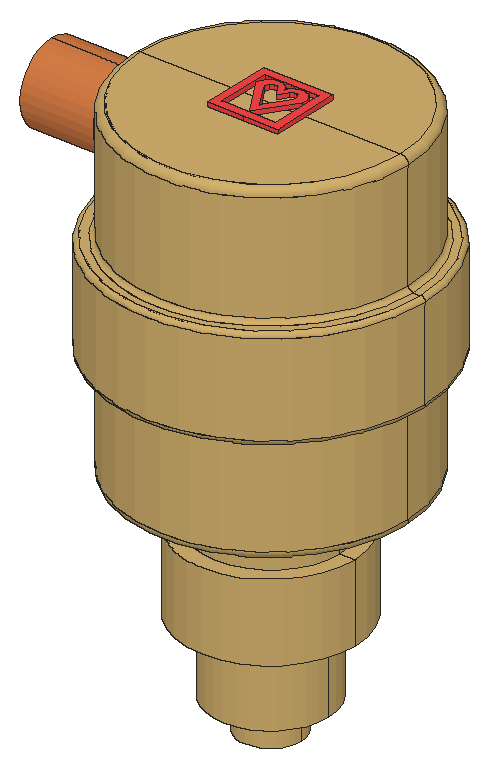
Revit family "Air Release Valve with check valve WE 2630 11 (12)", category Rohrzubehör, Revit 2018
Family settings
  Bemaßung runder Anschluss = Durchmesser verwenden
  Teiletyp = Normal
  OmniClass-Nummer = 23.65.55.14
  OmniClass-Titel = Valves for Liquid Services
  Arbeitsebenenbasiert = Nein
  Immer vertikal = Ja
  Beim Laden mit Abzugskörper schneiden = Nein
  Gemeinsam genutzt = Nein
Parameters
  min. Operating temperature = 0 °C  # constant formula
  max. Structual pressure = 1000000.0 Pa  # constant formula
  max. Operating temperature = 110 °C  # constant formula
  max. Operating pressure = 1000000.0 Pa  # constant formula
  Part number [instance] = if(Nennweite = 10.000 mm, 1263011, if(Nennweite = 15.000 mm, 1263012, 0))  # 1263012
  Float ball = "polypropylene "  # constant formula
  SW = 11.000 mm  # constant formula
  SCRNSEQ = "AWI;AWI_TYP=\"1013\";1"
  SCRNCODE = "05;14;01"  # constant formula
  S05 = 19.000 mm  # constant formula
  S04 = 16.500 mm  # constant formula
  S03 = 24.500 mm  # constant formula
  S02 = 11.000 mm  # constant formula
  S01 = 56.000 mm  # constant formula
  Backflow preventer housing = "brass CW617N, EN 12165"  # constant formula
  URL = "www.herzvalves.com"
  R02 = 0.600 mm  # constant formula
  R01 = 1.000 mm  # constant formula
  Nennweite [instance] = 15.000 mm
  Medium = "water purity in accordance with the ÖNORM H 5195 and VDI 2035 standards"
  L04 = L02 - L03  # 18.800 mm
  L03 = 9.500 mm  # constant formula
  L02 = 28.300 mm  # constant formula
  L01 = 4.000 mm  # constant formula
  Hersteller = "Herz-Armaturen GmbH"  # constant formula
  H11 = 10.000 mm  # constant formula
  H10 = 2.500 mm  # constant formula
  H09 [instance] = if(Nennweite = 10.000 mm, 30.000 mm, 26.000 mm)  # 26.000 mm
  H08 = H00 - 1.000 mm  # 55.000 mm
  H07 = H00 - 7.500 mm  # 48.500 mm
  H06 = 2.500 mm  # constant formula
  H05 = 9.000 mm  # constant formula
  H04 = 14.500 mm  # constant formula
  H03 = 15.500 mm  # constant formula
  H02 = 13.000 mm  # constant formula
  H01 = 9.500 mm  # constant formula
  H00 = 56.000 mm  # constant formula
  Housing = "machined brass acc. to EN 12165, CW617N"  # constant formula
  G1 [instance] = Nennweite / 2  # 7.500 mm
  G = 5.000 mm  # constant formula
  Sealing = "EPDM"  # constant formula
  Lid = "forged brass acc. to EN 12165, CW617N"  # constant formula
  D08 = 4.000 mm  # constant formula
  D07 = 9.000 mm  # constant formula
  D06 = 3.400 mm  # constant formula
  D05 = 5.100 mm  # constant formula
  D04 = 12.500 mm  # constant formula
  D03 = 11.000 mm  # constant formula
  D02 = 20.000 mm  # constant formula
  D01 = 17.800 mm  # constant formula
  External threaded connectors = "acc. to ISO 228"  # constant formula
  Field of application = "HERZ - Air vent is used for venting of the central heating installations. The air vent should be placed nearby the boiler or at the highest points of installation. Installations must be carried out in such a way that the retention of air bubbles in a certain part of installation is not possible. Before usage, unscrew the polypropylene cover cap on the lid for 2 to 3 turns. In case of uncontrolled medium leakage, tighten the cover cap. The air vent must be cleaned or replaced. We always recommend to use backflow preventer for easy service and replacement of the air vent. The air vents 1 2630 1X have a STOP function that prevents the entry of ambient air into the central heating installation."
  Cover cap = "ABS plastic, red colour"  # constant formula
Reference planes
  plane 1 "Mitte (Vorne/hinten)": y = 0
  plane 2: z = 0
  plane 3 "Mitte (Links/rechts)": x = 0
Forms (mm)
  Revolve 1, solid, material "Messing", detail levels fine
    sketch origin (0, 0, 0) x (1, 0, 0) y (0, 0, 1)
      loop
        line (0, 56) -> (-16.8, 56)
        arc (-16.8, 56) -> (-17.507, 55.707) -> (-17.8, 55) r 1
        line (-17.8, 55) -> (-17.8, 41.1)
        arc (-17.8, 41.1) -> (-17.976, 40.676) -> (-18.4, 40.5) r 0.6
        line (-18.4, 40.5) -> (-19.4, 40.5)
        arc (-19.4, 40.5) -> (-19.824, 40.324) -> (-20, 39.9) r 0.6
        line (-20, 39.9) -> (-20, 28.1)
        arc (-20, 28.1) -> (-19.824, 27.676) -> (-19.4, 27.5) r 0.6
        line (-19.4, 27.5) -> (-18.4, 27.5)
        arc (-18.4, 27.5) -> (-17.976, 27.324) -> (-17.8, 26.9) r 0.6
        line (-17.8, 26.9) -> (-17.8, 14)
        arc (-17.8, 14) -> (-17.507, 13.293) -> (-16.8, 13) r 1
        line (-16.8, 13) -> (-13.8, 13) -> (-9, 9.5) -> (-5, 9.5) -> (-5, 0) -> (0, 0) -> (0, 56)
      axis (0, 56) -> (0, 0)
    angle from 0 to 360
  Revolve 2, solid, material "Messing", detail levels fine
    sketch origin (0, 0, 0) x (1, 0, 0) y (0, 0, 1)
      loop
        line (0, 48.5) -> (0, 51.9) -> (-18.8, 51.9) -> (-18.8, 48.5) -> (0, 48.5)
      axis (-18.8, 48.5) -> (0, 48.5)
    angle from 0 to 360
  Revolve 3, solid, material "Kunststoff-ORANGE", detail levels fine
    sketch origin (0, 0, 0) x (1, 0, 0) y (0, 0, 1)
      loop
        line (-28.3, 48.5) -> (-18.8, 48.5) -> (-18.8, 53.6) -> (-28.3, 53.6) -> (-28.3, 48.5)
      axis (-28.3, 48.5) -> (-18.8, 48.5)
    angle from 0 to 360
  Revolve 4, solid, material "Messing", detail levels fine
    sketch origin (0, 0, 0) x (1, 0, 0) y (0, 0, 1)
      loop
        line (-5, 9.5) -> (-9, 9.5) -> (-9, 7) -> (-11, 7) -> (-11, -3) -> (-7.5, -3) -> (-7.5, -12.5) -> (-4, -12.5) -> (-4, -16.5) -> (0, -16.5) -> (0, 0) -> (-5, 0) -> (-5, 9.5)
      axis (0, 9.5) -> (0, -16.5)
    angle from 0 to 360
Lines and regions (mm)
  model lines, detail levels coarse+medium
    curve 1: line (0, 0, 56) -> (-12.587, 0, 43.413)
    curve 2: line (0, 0, 56) -> (12.587, 0, 43.413)
    curve 3: circle (0, 0, 31.5) r 11 normal (0, -1, 0)
    curve 4: line (0, 0, 42.5) -> (0, 0, 56)
    curve 5: line (0, 0, 20.5) -> (0, 0, 0)
    curve 6: line (-9.5, 0, 0) -> (9.5, 0, 0)
    curve 7: line (9.5, 0, 0) -> (-8.886, 0, -16.5)
    curve 8: line (-8.886, 0, -16.5) -> (10.114, 0, -16.5)
    curve 9: circle (-8.886, 0, -16.5) r 5 normal (0, -1, 0)
    curve 10: line (0, 0, 56) -> (0, -12.587, 43.413)
    curve 11: line (0, 0, 56) -> (0, 12.587, 43.413)
    curve 12: circle (0, 0, 31.5) r 11 normal (1, 0, 0)
    curve 13: line (0, -9.5, 0) -> (0, 9.5, 0)
    curve 14: line (0, 9.5, 0) -> (0, -9.5, -16.5)
    curve 15: line (0, -9.5, -16.5) -> (0, 9.5, -16.5)
    curve 16: circle (0, -9.5, -16.5) r 5 normal (1, 0, 0)
    curve 17: line (0, 56, 0) -> (-12.587, 43.413, 0)
    curve 18: line (-12.587, 43.413, 0) -> (0, 56, 0)
    curve 19: line (0, 56, 0) -> (12.587, 43.413, 0)
    curve 20: circle (0, 31.5, 0) r 11 normal (0, 0, 1)
    curve 21: line (0, 42.5, 0) -> (0, 56, 0)
    curve 22: line (0, 20.5, 0) -> (0, 0, 0)
    curve 23: line (-9.5, 0, 0) -> (9.5, 0, 0)
    curve 24: line (9.5, 0, 0) -> (-9.5, -16.5, 0)
    curve 25: line (-9.5, -16.5, 0) -> (9.5, -16.5, 0)
    curve 26: circle (-9.5, -16.5, 0) r 5 normal (0, 0, 1)
Dimensions and locks
  "H02": Revolve 1 sketch curve to Revolve 1 sketch curve
  "H03": Revolve 1 sketch curve to Revolve 1 sketch curve
  "H04": Revolve 1 sketch curve to Revolve 1 sketch curve
  "L01": Revolve 1 sketch curve to Revolve 1 sketch curve  (x2)
  "D01": Revolve 1 sketch curve to Revolve 1 sketch curve  (x2)
  "D02": Revolve 1 sketch curve to Revolve 1 sketch curve
  "H07": Revolve 2 sketch curve to plane 2
  "D06": Revolve 2 sketch curve to Revolve 2 sketch curve
  "L02": plane 3 "Mitte (Links/rechts)" to Revolve 3 sketch curve
  "L03": Revolve 3 sketch curve to Revolve 3 sketch curve
  "D05": Revolve 3 sketch curve to Revolve 3 sketch curve
  "H07": Revolve 3 sketch curve to plane 2
  "L04": plane 3 "Mitte (Links/rechts)" to Revolve 2 sketch curve
  "H08": nested 1 to plane 2
  "G": Revolve 1 sketch curve to Revolve 1 sketch curve
  "H00": Revolve 1 sketch curve to Revolve 1 sketch curve
  "H01": Revolve 1 sketch curve to Revolve 1 sketch curve
  "G1": Revolve 4 sketch curve to Revolve 4 sketch curve
  "D07": Revolve 4 sketch curve to Revolve 4 sketch curve
  "D08": Revolve 4 sketch curve to Revolve 4 sketch curve
  "H09": Revolve 4 sketch curve to Revolve 4 sketch curve
  "H01": Revolve 4 sketch curve to Revolve 4 sketch curve  (x2)
  "H10": Revolve 4 sketch curve to Revolve 4 sketch curve
  "H11": Revolve 4 sketch curve to Revolve 4 sketch curve
  "SW": Revolve 4 sketch curve to Revolve 4 sketch curve
  "G": Revolve 4 sketch curve to Revolve 4 sketch curve
  "S01": curve 4 to plane 2
  "D01": curve 1 to curve 1
  "D01": curve 2 to curve 2
  "S03": curve 4 to curve 3
  "S05": curve 6 to curve 7
  "S05": curve 8 to curve 8
  "S04": curve 6 to curve 8
  "S01": curve 11 to plane 2
  "D01": curve 10 to curve 10
  "D01": curve 11 to curve 11
  "S03": curve 11 to curve 12
  "S04": curve 15 to curve 13
  "S05": curve 13 to curve 14
  "S05": curve 15 to curve 15
  "S01": plane 1 "Mitte (Vorne/hinten)" to curve 19
  "S03": curve 19 to curve 20
  "D01": curve 18 to curve 18
  "D01": curve 19 to curve 19
  "S05": curve 23 to curve 24
  "S05": curve 25 to curve 24
  "S04": curve 25 to curve 23
  "R01": radius of Revolve 1 sketch curve  (x2)
  "R02": radius of Revolve 1 sketch curve  (x4)
  "S02": radius of curve 3
  "S02": radius of curve 12
  "S02": radius of curve 20
  angle curve 1 to curve 4 = 45.00°
  angle curve 4 to curve 2 = 45.00°
  angle curve 10 to plane 1 "Mitte (Vorne/hinten)" = 45.00°
  angle plane 1 "Mitte (Vorne/hinten)" to curve 11 = 45.00°
  angle curve 18 to curve 21 = 45.00°
  angle curve 21 to curve 19 = 45.00°
  aligned and locked: level to plane 2
Automatic sketch dimensions
  curve 13 to level = 0.000 mm
  curve 10 to plane 1 "Mitte (Vorne/hinten)" = 0.000 mm
  curve 12 to plane 1 "Mitte (Vorne/hinten)" = 0.000 mm
  plane 1 "Mitte (Vorne/hinten)" to curve 14 = 9.500 mm
  curve 16 to curve 14 = 0.000 mm  (x2)
  curve 13 to plane 1 "Mitte (Vorne/hinten)" = 9.500 mm
  curve 6 to level = 0.000 mm
  curve 4 to plane 3 "Mitte (Links/rechts)" = 0.000 mm
  curve 5 to plane 3 "Mitte (Links/rechts)" = 0.000 mm
  curve 3 to plane 3 "Mitte (Links/rechts)" = 0.000 mm
  curve 9 to plane 3 "Mitte (Links/rechts)" = 8.886 mm
  curve 8 to curve 9 = 0.000 mm
  plane 3 "Mitte (Links/rechts)" to curve 6 = 9.500 mm
  curve 9 to curve 7 = 0.000 mm
  plane 1 "Mitte (Vorne/hinten)" to curve 23 = 0.000 mm
  curve 21 to plane 3 "Mitte (Links/rechts)" = 0.000 mm
  curve 22 to plane 3 "Mitte (Links/rechts)" = 0.000 mm
  curve 20 to plane 3 "Mitte (Links/rechts)" = 0.000 mm
  curve 26 to plane 3 "Mitte (Links/rechts)" = 9.500 mm
  curve 24 to curve 26 = 0.000 mm
  curve 22 to curve 23 = 9.500 mm
  curve 26 to curve 24 = 0.000 mm
  Revolve 1 sketch curve to level = 0.000 mm
  Revolve 1 sketch curve to plane 3 "Mitte (Links/rechts)" = 0.000 mm
  plane 3 "Mitte (Links/rechts)" to Revolve 1 sketch curve = 0.000 mm
  Revolve 1 sketch curve to Revolve 1 sketch curve = 2000.000 mm
  Revolve 1 sketch curve to Revolve 1 sketch curve = 1932.500 mm
  Revolve 2 sketch curve to plane 3 "Mitte (Links/rechts)" = 0.000 mm  (x2)
  Revolve 2 sketch curve to Revolve 2 sketch curve = 0.000 mm  (x2)
  Revolve 3 sketch curve to Revolve 3 sketch curve = 0.000 mm  (x3)
  Revolve 4 sketch curve to level = 0.000 mm
  Revolve 4 sketch curve to plane 3 "Mitte (Links/rechts)" = 0.000 mm  (x2)
  Revolve 4 sketch curve to Revolve 4 sketch curve = 340.545 mm
  Revolve 4 sketch curve to Revolve 4 sketch curve = 2204.815 mm
  radius of curve 16 = 5.000 mm
  radius of curve 9 = 5.000 mm
  radius of curve 26 = 5.000 mm
Nested families
  nested 1: "Herz-Logo" at (0, 0, 55), type "Herz-Logo", detail levels fine
Connectors
  piping at (0, 0, -12.5), diameter 15, driven by "Nennweite"
    settings: on Revolve 4, index 1, connector inside diameter 609.6 mm, connector length 0.000 mm, flow factor 0, pipe flow 0.0 L/s, pressure drop 0.0 Pa, fitting loss kfactor 0, connector angle 0.00°, fixture units 0, engagement length 0.000 mm, angle of deflection 0.00°, flow configuration 0, flow direction 0, fitting loss method 0, system type 7, joint type 0, gender type 0, connector reference index -1, connector utility 0, adjustable connector no, is connector primary yes, connector description ""
Definition of nested family "Herz-Logo"
  Reference planes
    plane 1 "Mitte (Vorne/hinten)": y = 0
    plane 2: z = 0
    plane 3 "Mitte (Links/rechts)": x = 0
  Forms (mm)
    Extrusion 1, solid
      sketch origin (0, 0, 0) x (1, 0, 0) y (0, 1, 0)
        loop
          line (-0.018, -4.517) -> (4.482, -4.517) -> (4.482, 4.483) -> (-4.518, 4.483) -> (-4.518, -4.517) -> (-0.018, -4.517)
        loop
          line (-0.05, -3.48) -> (3.482, -3.48) -> (3.482, 3.483) -> (-3.518, 3.483) -> (-3.518, -3.48) -> (-0.05, -3.48)
        loop
          arc (-0.018, 2.383) -> (-1.543, 3.287) -> (-3.067, 2.383) r 1.738
          arc (-3.067, 2.383) -> (-3.191, 1.899) -> (-3.067, 1.415) r 1.009
          line (-3.067, 1.415) -> (-0.018, -3.281) -> (3.032, 1.415)
          arc (3.032, 1.415) -> (3.156, 1.899) -> (3.032, 2.383) r 1.009
          arc (3.032, 2.383) -> (1.507, 3.287) -> (-0.018, 2.383) r 1.738
        loop
          arc (1.885, 1.272) -> (2.005, 1.675) -> (1.885, 2.079) r 0.74
          arc (1.885, 2.079) -> (1.265, 2.416) -> (0.644, 2.079) r 0.74
          line (0.644, 2.079) -> (-0.018, 0.97) -> (-0.679, 2.079)
          arc (-0.679, 2.079) -> (-1.3, 2.416) -> (-1.921, 2.079) r 0.74
          arc (-1.921, 2.079) -> (-2.04, 1.675) -> (-1.921, 1.272) r 0.74
          line (-1.921, 1.272) -> (-0.018, -1.658) -> (1.885, 1.272)
      from 0 to 1.5
  Dimensions and locks
    aligned and locked: level to plane 2
